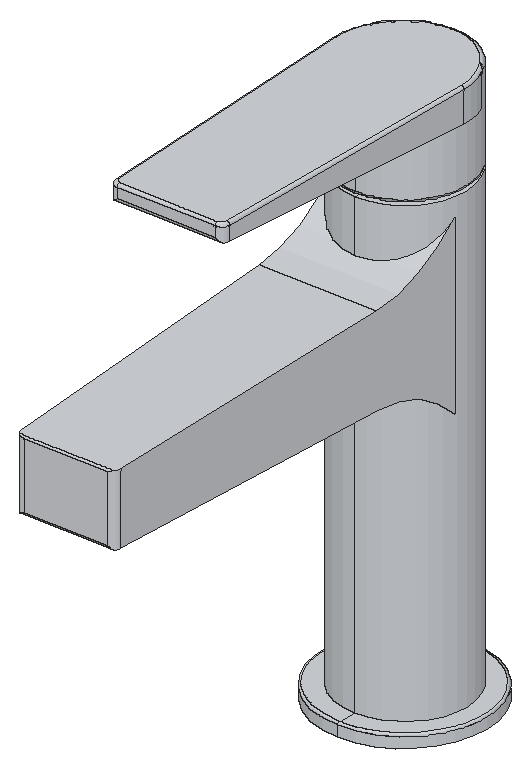
Revit family "Faucet-Lavatory-KOHLER-Taut-K-29581IN_1", category Plumbing Fixtures, host Face, Revit 2017
Family settings
  Host = Face
  Round Connector Dimension = Use Diameter
  Part Type = Normal
  OmniClass Number = 23.31.11.00
  OmniClass Title = Faucets
  Cut with Voids When Loaded = No
  Shared = No
  Room Calculation Point = No
Parameters (values of type "CP-Polished Chrome")
  Width = 1 99/128"  # constant formula
  WaterSense Certified = 1 = 0  # no
  Waste Water Outlet = "Waste Water Outlet"  # constant formula
  Waste Connection = 1 = 0  # no
  Vent Connection = 1 = 0  # no
  URL = "https://www.kohler.co.in/"
  Type = 1
  Spout Reach = 3 15/16"  # constant formula
  Product Page URL = "https://www.kohler.co.in/product-detail/29581in-4?skuid=K-29581IN-4-CP"
  Product Name = "Taut"  # constant formula
  Product Documentation Link = ""
  Pressure = 0.00 psi
  Model = "K-29581IN-4-CP"  # constant formula
  Material = "Brass Constrction"  # constant formula
  Master Format 2014 Name = "Residential Faucets, Supplies, and Trim"  # constant formula
  Master Format 2014 = "22 41 39"  # constant formula
  Manufacturer Address = "Ambience Office Tower NH-8 Gurgaon / Gurugram Haryana , 122001\r\n"  # constant formula
  Manufacturer = "KOHLER Co."  # constant formula
  Length = Spout Reach  # 3 15/16"
  Hot Water Inlet = "Hot Water Inlet"  # constant formula
  Height = 6 13/128"  # constant formula
  Handle Clearance = 3 43/256"  # constant formula
  HW Connection = 1 = 0  # no
  Flow Rate = 0 GPM
  Finish = Kohler-Metal-CP-Polished_Chrome
  Environmental Product Declaration = ""
  Drain Included = 1 = 0  # no
  Description = "Pillar tap-flat handle"  # constant formula
  Default Elevation = 36"
  Declare Label = ""
  Date Modified = "05/19/2021"  # constant formula
  Date Created = "05/19/2021"  # constant formula
  Copyright = "Copyright KOHLER Co."  # constant formula
  Contact Us = "https://www.kohler.co.in/contact-us"
  Cold Water Inlet = "Cold Water Inlet"  # constant formula
  CW Connection = 1 = 1  # yes
  Assembly Code = "D2010"
  ADA Compliant = 1 = 0  # no
Reference planes (in)
  plane 1 "Center (Front/Back)": y = 0
  plane 2: z = 0
  plane 3 "Center (Left/Right)": x = 0
  plane 4: y = 0.88583
  plane 5: x = 0.88583
  plane 6: y = 0.66932
  plane 7: x = -0.88761
  plane 8: y = -0.88583
  plane 9: y = -0.66932
  plane 10: y = -3.16797
  plane 11: y = -3.9375
  plane 12: z = 6.10156
  plane 13: z = 3.93209
  plane 14: z = 3.46457
Dimensions and locks (in)
  "Width": plane 7 to plane 5
  "Height": level to plane 12
  "Spout Reach": plane 1 "Center (Front/Back)" to plane 11
  "Handle Clearance": plane 1 "Center (Front/Back)" to plane 10
  plane 14 to level = 3.46457"
  aligned and locked: plane 2 to host face
  aligned and locked: level to host face
Automatic sketch dimensions
  host sketch curve to host sketch curve = 96"  (x2)
Nested families (in)
  nested 1: "K-29581IN" at (0, 0, 0), type "K-29581IN"
Connectors (in)
  piping at (0, 0, 0), diameter 0.5, driven by "Cold Water Inlet", driven by "CW Connection"
    settings: on nested 1, index 1, connector inside diameter 24", connector length 0", flow factor 0, pipe flow 0 GPM, pressure drop 0.00 psi, fitting loss kfactor 0, connector angle 0.00°, fixture units 0, engagement length 0", angle of deflection 0.00°, flow configuration 0, flow direction 1, fitting loss method 0, system type 20, joint type 0, gender type 0, connector reference index -1, connector utility 1, adjustable connector no, is connector primary yes, connector description "Cold Water Inlet"
Definition of nested family "K-29581IN"
  Parameters (values of type "K-29581IN")
    material = none
  Reference planes (in)
    plane 1 "Center (Front/Back)": y = 0
    plane 2: z = 0
    plane 3 "Center (Left/Right)": x = 0
    plane 4: y = -3.93701
    plane 5: y = 0.88583
    plane 6: x = 0.88583
    plane 7: x = -0.88583
    plane 8: y = -0.88583
    plane 9: y = -3.16929
    plane 10: z = 6.10236
    plane 11: z = 3.46457
    plane 12: y = -0.66932
    plane 13: y = 0.66932
  Forms (in)
    Revolve 1, solid, material <- "material", detail levels medium+fine
      sketch origin (0, 0, 0) x (0, 1, 0) y (0, 0, 1)
        loop
          line (0, 0) -> (0.88583, 0) -> (0.88583, 0.11338)
          arc (0.88583, 0.11338) -> (0.8789, 0.1301) -> (0.86218, 0.13703) r 0.02365
          line (0.86218, 0.13703) -> (0.66932, 0.13703) -> (0.66932, 5.06691) -> (0.56121, 5.06691) -> (0.56121, 5.09898) -> (0.64697, 5.09898)
          arc (0.64697, 5.09898) -> (0.66277, 5.10553) -> (0.66932, 5.12134) r 0.02236
          line (0.66932, 5.12134) -> (0.66932, 6.06249)
          arc (0.66932, 6.06249) -> (0.65764, 6.09068) -> (0.62945, 6.10236) r 0.03987
          line (0.62945, 6.10236) -> (0, 6.10236) -> (0, 0)
        axis (0, 0) -> (0, 6.10236)
      angle from 0 to 360
    Extrusion 2, solid, material <- "material", detail levels medium+fine
      sketch origin (0, 0, 0) x (1, 0, 0) y (0, 1, 0)
        loop
          line (-0.45215, -4.51822) -> (0.45215, -4.51822)
          arc (0.45215, -4.51822) -> (0.50704, -4.49594) -> (0.53086, -4.4417) r 0.07874
          line (0.53086, -4.4417) -> (0.65633, 0) -> (-0.65633, 0) -> (-0.53086, -4.4417)
          arc (-0.53086, -4.4417) -> (-0.50704, -4.49594) -> (-0.45215, -4.51822) r 0.07874
      from 2.79419 to 5.06999
    Extrusion 3, void
      sketch origin (0, 0, 0) x (0, 1, 0) y (0, 0, 1)
        loop
          line (-4.49529, 4.30914) -> (-1.15025, 4.40658)
          arc (-1.15025, 4.40658) -> (-0.49148, 4.59326) -> (0, 5.06999) r 1.40016
          line (0, 5.06999) -> (-5.11811, 5.06999) -> (-5.11811, 2.79419) -> (0, 2.79419)
          arc (0, 2.79419) -> (-0.49148, 3.27092) -> (-1.15025, 3.4576) r 1.40016
          line (-1.15025, 3.4576) -> (-4.49529, 3.55504)
          arc (-4.49529, 3.55504) -> (-4.51154, 3.56219) -> (-4.51822, 3.57865) r 0.02362
          line (-4.51822, 3.57865) -> (-4.51822, 4.28553)
          arc (-4.51822, 4.28553) -> (-4.51154, 4.30198) -> (-4.49529, 4.30914) r 0.02362
      from -1.35556 to 1.48096
    Extrusion 4, void
      sketch origin (0, 0, 0) x (0, 1, 0) y (0, 0, 1)
        loop
          line (0.30186, 5.7307) -> (-3.13703, 5.9221)
          arc (-3.13703, 5.9221) -> (-3.16344, 5.93435) -> (-3.17421, 5.96141) r 0.03937
          line (-3.17421, 5.96141) -> (-3.17421, 5.40185) -> (0.30186, 5.40185) -> (0.30186, 5.7307)
      from -1.60353 to 2.14972
    Sweep 5, solid, material <- "material", detail levels medium+fine
      path origin (0, 0, 0) x (1, 0, 0) y (0, 1, 0)
        loop
          line (-0.52247, -3.11792) -> (0.52247, -3.11792)
          arc (0.52247, -3.11792) -> (0.54155, -3.11018) -> (0.54983, -3.09133) r 0.02737
          line (0.54983, -3.09133) -> (0.63552, -0.07407)
          arc (0.63552, -0.07407) -> (0, 0.57975) -> (-0.63552, -0.07407) r 0.63578
          line (-0.63552, -0.07407) -> (-0.54983, -3.09133)
          arc (-0.54983, -3.09133) -> (-0.54155, -3.11018) -> (-0.52247, -3.11792) r 0.02737
      profile origin (0, -3.11792, 0) x (0, 1, 0) y (0, 0, 1)
        loop
          line (-0.05629, 5.7307) -> (0.00709, 5.7307) -> (0.00709, 6.10236) -> (-0.0248, 6.10236)
          arc (-0.0248, 6.10236) -> (-0.04707, 6.09314) -> (-0.05629, 6.07087) r 0.0315
          line (-0.05629, 6.07087) -> (-0.05629, 5.7307)
    Extrusion 6, solid, material <- "material", detail levels medium+fine
      sketch origin (0, 0, 0) x (1, 0, 0) y (0, 1, 0)
        loop
          arc (0.52247, -3.11083) -> (0.5366, -3.10509) -> (0.54274, -3.09113) r 0.02028
          line (0.54274, -3.09113) -> (0.62843, -0.07387)
          arc (0.62843, -0.07387) -> (0, 0.57266) -> (-0.62843, -0.07387) r 0.62868
          line (-0.62843, -0.07387) -> (-0.54274, -3.09113)
          arc (-0.54274, -3.09113) -> (-0.5366, -3.10509) -> (-0.52247, -3.11083) r 0.02028
          line (-0.52247, -3.11083) -> (0.52247, -3.11083)
      from 5.7307 to 6.10236
    Revolve 7, void
      sketch origin (0, 0, 0) x (0, 1, 0) y (0, 0, 1)
        loop
          line (-3.98413, 3.32007) -> (-3.85085, 3.72875) -> (-4.27048, 3.8656) -> (-4.31622, 3.72533) -> (-4.34682, 3.71106) -> (-4.42721, 3.46457) -> (-3.98413, 3.32007)
        axis (-3.98413, 3.32007) -> (-3.85085, 3.72875)
      angle from 0 to 360
    Revolve 8, solid, material <- "material", detail levels medium+fine
      sketch origin (0, 0, 0) x (0, 1, 0) y (0, 0, 1)
        loop
          line (-3.9277, 3.41929) -> (-3.86605, 3.64935) -> (-4.16205, 3.72867) -> (-4.19574, 3.60295)
          arc (-4.19574, 3.60295) -> (-4.1961, 3.58403) -> (-4.18759, 3.56713) r 0.03937
          arc (-4.18759, 3.56713) -> (-4.07051, 3.4706) -> (-3.9277, 3.41929) r 0.44262
        axis (-3.9277, 3.41929) -> (-3.86605, 3.64935)
      angle from 0 to 360
    Extrusion 9, solid, material <- "material", detail levels medium+fine
      sketch origin (0, 0, 0) x (1, 0, 0) y (0, 1, 0)
        loop
          circle (0, 0) r 0.15748
      from 0 to 0.02421
    Revolve 10, solid, material <- "material", detail levels coarse
      sketch origin (0, 0, 0) x (0, 1, 0) y (0, 0, 1)
        loop
          line (-0.0002, 0) -> (-0.0002, 6.10217) -> (-0.68075, 6.10217) -> (-0.68075, 0.1524) -> (-0.88583, 0.1524) -> (-0.88583, 0) -> (-0.0002, 0)
        axis (-0.0002, 6.10217) -> (-0.0002, 0)
      angle from 0 to 360
    Extrusion 11, solid, material <- "material", detail levels coarse
      sketch origin (0, 0, 0) x (1, 0, 0) y (0, 1, 0)
        loop
          line (-0.65337, -0.02461) -> (-0.65337, -3.16929) -> (0.66942, -3.16929) -> (0.66942, -0.02461) -> (-0.65337, -0.02461)
      from 5.70414 to 6.10217
    Extrusion 12, solid, material <- "material", detail levels coarse
      sketch origin (0, 0, 0) x (0, 1, 0) y (0, 0, 1)
        loop
          line (-4.54466, 4.45695) -> (-4.54466, 3.37428) -> (0.03211, 3.37428) -> (0.03211, 4.45695) -> (-4.54466, 4.45695)
      from -0.65337 to 0.66942
  Cuts and joins
    Extrusion 3, Revolve 7 cuts Extrusion 2
    Extrusion 4 cuts Sweep 5
    Extrusion 4 cuts Extrusion 6
    joined: Revolve 1, Extrusion 2, Sweep 5, Extrusion 6, Revolve 8
    joined: Revolve 10, Extrusion 11, Extrusion 12
  Lines and regions (in)
    Masking region 1
      outline origin (0, 0, 0) x (0, 1, 0) y (0, 0, 1)
        loop
          line (0, 0) -> (0.88583, 0) -> (0.88583, 0.1134)
          arc (0.88583, 0.1134) -> (0.87891, 0.13011) -> (0.8622, 0.13703) r 0.02362
          line (0.8622, 0.13703) -> (0.66932, 0.13703) -> (0.66932, 5.06691) -> (0.56121, 5.06691) -> (0.56121, 5.09927) -> (0.6461, 5.09927)
          arc (0.6461, 5.09927) -> (0.66252, 5.10607) -> (0.66932, 5.12249) r 0.02322
          line (0.66932, 5.12249) -> (0.66932, 6.06299)
          arc (0.66932, 6.06299) -> (0.65779, 6.09083) -> (0.62995, 6.10236) r 0.03937
          line (0.62995, 6.10236) -> (-3.14606, 6.10236)
          arc (-3.14606, 6.10236) -> (-3.16249, 6.09556) -> (-3.16929, 6.07913) r 0.02323
          line (-3.16929, 6.07913) -> (-3.16929, 5.94624)
          arc (-3.16929, 5.94624) -> (-3.16283, 5.93) -> (-3.14698, 5.92265) r 0.02362
          line (-3.14698, 5.92265) -> (-0.78087, 5.79096)
          arc (-0.78087, 5.79096) -> (-0.70163, 5.75419) -> (-0.66932, 5.67303) r 0.11811
          line (-0.66932, 5.67303) -> (-0.66932, 5.12249)
          arc (-0.66932, 5.12249) -> (-0.66252, 5.10607) -> (-0.6461, 5.09927) r 0.02322
          line (-0.6461, 5.09927) -> (-0.56121, 5.09927) -> (-0.56121, 5.06691) -> (-0.66932, 5.06691) -> (-0.66932, 4.76475)
          arc (-0.66932, 4.76475) -> (-0.76948, 4.51787) -> (-1.01334, 4.41057) r 0.35433
          line (-1.01334, 4.41057) -> (-4.49429, 4.30917)
          arc (-4.49429, 4.30917) -> (-4.51107, 4.30178) -> (-4.51797, 4.28479) r 0.02439
          line (-4.51797, 4.28479) -> (-4.51797, 3.57864)
          arc (-4.51797, 3.57864) -> (-4.51129, 3.56218) -> (-4.49503, 3.55503) r 0.02362
          line (-4.49503, 3.55503) -> (-4.16821, 3.54551)
          arc (-4.16821, 3.54551) -> (-3.91742, 3.40808) -> (-3.63155, 3.4159) r 0.5473
          arc (-3.63155, 3.4159) -> (-3.61395, 3.4266) -> (-3.60378, 3.44452) r 0.04094
          line (-3.60378, 3.44452) -> (-3.5813, 3.52841) -> (-1.01334, 3.45361)
          arc (-1.01334, 3.45361) -> (-0.76948, 3.3463) -> (-0.66932, 3.09943) r 0.35433
          line (-0.66932, 3.09943) -> (-0.66932, 0.13703) -> (-0.8622, 0.13703)
          arc (-0.8622, 0.13703) -> (-0.87891, 0.13011) -> (-0.88583, 0.1134) r 0.02362
          line (-0.88583, 0.1134) -> (-0.88583, 0) -> (0, 0)
    Masking region 2
      outline origin (0, 0, 0) x (1, 0, 0) y (0, 0, 1)
        loop
          line (0, 0) -> (0.88583, 0) -> (0.88583, 0.12126)
          arc (0.88583, 0.12126) -> (0.87381, 0.13282) -> (0.85768, 0.13703) r 0.03301
          line (0.85768, 0.13703) -> (0.66932, 0.13703) -> (0.66932, 5.06691) -> (0.56121, 5.06691) -> (0.56121, 5.09898) -> (0.64481, 5.09898)
          arc (0.64481, 5.09898) -> (0.66214, 5.10616) -> (0.66932, 5.12349) r 0.02451
          line (0.66932, 5.12349) -> (0.66932, 6.06299)
          arc (0.66932, 6.06299) -> (0.65779, 6.09083) -> (0.62995, 6.10236) r 0.03937
          line (0.62995, 6.10236) -> (0, 6.10236) -> (-0.62995, 6.10236)
          arc (-0.62995, 6.10236) -> (-0.65779, 6.09083) -> (-0.66932, 6.06299) r 0.03937
          line (-0.66932, 6.06299) -> (-0.66932, 5.12349)
          arc (-0.66932, 5.12349) -> (-0.66214, 5.10616) -> (-0.64481, 5.09898) r 0.02451
          line (-0.64481, 5.09898) -> (-0.56121, 5.09898) -> (-0.56121, 5.06691) -> (-0.66932, 5.06691) -> (-0.66932, 0.13703) -> (-0.85768, 0.13703)
          arc (-0.85768, 0.13703) -> (-0.87381, 0.13282) -> (-0.88583, 0.12126) r 0.03301
          line (-0.88583, 0.12126) -> (-0.88583, 0) -> (0, 0)
    Masking region 3
      outline origin (0, 0, 0) x (1, 0, 0) y (0, 1, 0)
        loop
          arc (0, 0.88583) -> (-0.80311, 0.37377) -> (-0.67774, -0.5704) r 0.88583
          line (-0.67774, -0.5704) -> (-0.6061, -3.09293)
          arc (-0.6061, -3.09293) -> (-0.59512, -3.13203) -> (-0.56703, -3.16136) r 0.08366
          line (-0.56703, -3.16136) -> (-0.53086, -4.4417)
          arc (-0.53086, -4.4417) -> (-0.50704, -4.49594) -> (-0.45215, -4.51822) r 0.07874
          line (-0.45215, -4.51822) -> (0, -4.51822) -> (0.45215, -4.51822)
          arc (0.45215, -4.51822) -> (0.50704, -4.49594) -> (0.53086, -4.4417) r 0.07874
          line (0.53086, -4.4417) -> (0.56703, -3.16136)
          arc (0.56703, -3.16136) -> (0.59512, -3.13203) -> (0.6061, -3.09293) r 0.08366
          line (0.6061, -3.09293) -> (0.67774, -0.5704)
          arc (0.67774, -0.5704) -> (0.80311, 0.37377) -> (0, 0.88583) r 0.88583
    symbolic lines, detail levels medium+fine
      curve 1: line (0, -0.66932, 0.13703) -> (0, 0.66932, 0.13703)
      curve 2: line (0, -4.16821, 3.54551) -> (0, -3.5813, 3.52841)
      curve 3: line (0, -0.56121, 5.09927) -> (0, 0.56121, 5.09898)
      curve 4: line (0, -0.56121, 5.06691) -> (0, 0.56121, 5.06691)
      curve 5: line (0.66932, 0, 0.13703) -> (-0.66932, 0, 0.13703)
      curve 6: arc (-0.27167, 0, 3.46457) -> (-0.00147, 0, 3.39096) -> (0.26873, 0, 3.46457) r 0.53276
      curve 7: line (-0.52158, 0, 3.54498) -> (0.51885, 0, 3.54498)
      curve 8: line (-0.5452, 0, 4.33336) -> (-0.5452, 0, 3.5686)
      curve 9: line (0.51885, 0, 4.35699) -> (-0.52158, 0, 4.35699)
      curve 10: line (0.54247, 0, 3.5686) -> (0.54247, 0, 4.33336)
      curve 11: arc (0.54247, 0, 3.5686) -> (0.53555, 0, 3.5519) -> (0.51885, 0, 3.54498) r 0.02362
      curve 12: arc (-0.52158, 0, 3.54498) -> (-0.53828, 0, 3.5519) -> (-0.5452, 0, 3.5686) r 0.02362
      curve 13: arc (0.54247, 0, 4.33336) -> (0.53555, 0, 4.35007) -> (0.51885, 0, 4.35699) r 0.02362
      curve 14: arc (-0.52158, 0, 4.35699) -> (-0.53828, 0, 4.35007) -> (-0.5452, 0, 4.33336) r 0.02362
      curve 15: line (-0.53828, 0, 3.5519) -> (-0.66932, 0, 3.42086)
      curve 16: line (-0.53828, 0, 4.35007) -> (-0.66932, 0, 4.48111)
      curve 17: arc (0.26873, 0, 3.46457) -> (0.30175, 0, 3.49871) -> (0.3125, 0, 3.54498) r 0.08898
      curve 18: arc (-0.31832, 0, 3.54498) -> (-0.30555, 0, 3.49865) -> (-0.27167, 0, 3.46457) r 0.09468
      curve 19: line (0.53686, 0, 3.55332) -> (0.66932, 0, 3.42086)
      curve 20: line (0.53686, 0, 4.34865) -> (0.66932, 0, 4.48111)
      curve 21: line (0.56121, 0, 5.09898) -> (-0.56121, 0, 5.09898)
      curve 22: line (0.56121, 0, 5.06691) -> (-0.56121, 0, 5.06691)
      curve 23: arc (0.66932, 0, 4.48111) -> (0, 0, 4.57494) -> (-0.66932, 0, 4.48111) r 2.434
      curve 24: arc (0.66932, 0, 3.42086) -> (0, 0, 3.28344) -> (-0.66932, 0, 3.42086) r 1.69874
      curve 25: arc (-0.24234, 0, 3.51027) -> (-0.00367, 0, 3.42303) -> (0.23765, 0, 3.50261) r 0.38701
      curve 26: line (0, 0, 5.88889) -> (-0.59004, 0, 5.88889)
      curve 27: line (-0.62154, 0, 5.92039) -> (-0.62154, 0, 6.08048)
      curve 28: arc (-0.59004, 0, 5.88889) -> (-0.61231, 0, 5.89811) -> (-0.62154, 0, 5.92039) r 0.0315
      curve 29: arc (-0.62154, 0, 6.08048) -> (-0.61592, 0, 6.09518) -> (-0.60192, 0, 6.10236) r 0.02201
      curve 30: line (-0.61231, 0, 5.89811) -> (-0.66932, 0, 5.84111)
      curve 31: line (0, 0, 5.88889) -> (0.59004, 0, 5.88889)
      curve 32: line (0.62154, 0, 5.92039) -> (0.62154, 0, 6.08048)
      curve 33: arc (0.59004, 0, 5.88889) -> (0.61231, 0, 5.89811) -> (0.62154, 0, 5.92039) r 0.0315
      curve 34: arc (0.62154, 0, 6.08048) -> (0.61592, 0, 6.09518) -> (0.60192, 0, 6.10236) r 0.02201
      curve 35: line (0.61231, 0, 5.89811) -> (0.66932, 0, 5.84111)
      curve 36: arc (0.23765, 0, 3.50261) -> (0.25315, 0, 3.52135) -> (0.25887, 0, 3.54498) r 0.05407
      curve 37: arc (-0.26253, 0, 3.54498) -> (-0.25558, 0, 3.52579) -> (-0.24234, 0, 3.51027) r 0.05717
      curve 38: arc (0.66932, 0, 5.84111) -> (0, 0, 5.78476) -> (-0.66932, 0, 5.84111) r 4.00327
      curve 39: line (0, -3.16929, 0) -> (-0.55074, -3.16929, 0)
      curve 40: arc (-0.55074, -3.16929, 0) -> (-0.5598, -3.1672, 0) -> (-0.56703, -3.16136, 0) r 0.02069
      curve 41: arc (0, 0.66932, 0) -> (-0.47328, 0.47328, 0) -> (-0.66932, 0, 0) r 0.66932
      curve 42: line (-0.67774, -0.5704, 0) -> (-0.66932, 0, 0)
      curve 43: line (0, -3.16929, 0) -> (0.55074, -3.16929, 0)
      curve 44: arc (0, 0.66932, 0) -> (0.47328, 0.47328, 0) -> (0.66932, 0, 0) r 0.66932
      curve 45: line (0.67774, -0.5704, 0) -> (0.66932, 0, 0)
      curve 46: arc (0.55074, -3.16929, 0) -> (0.5598, -3.1672, 0) -> (0.56703, -3.16136, 0) r 0.02069
  Dimensions and locks (in)
    aligned and locked: plane 2 to level
